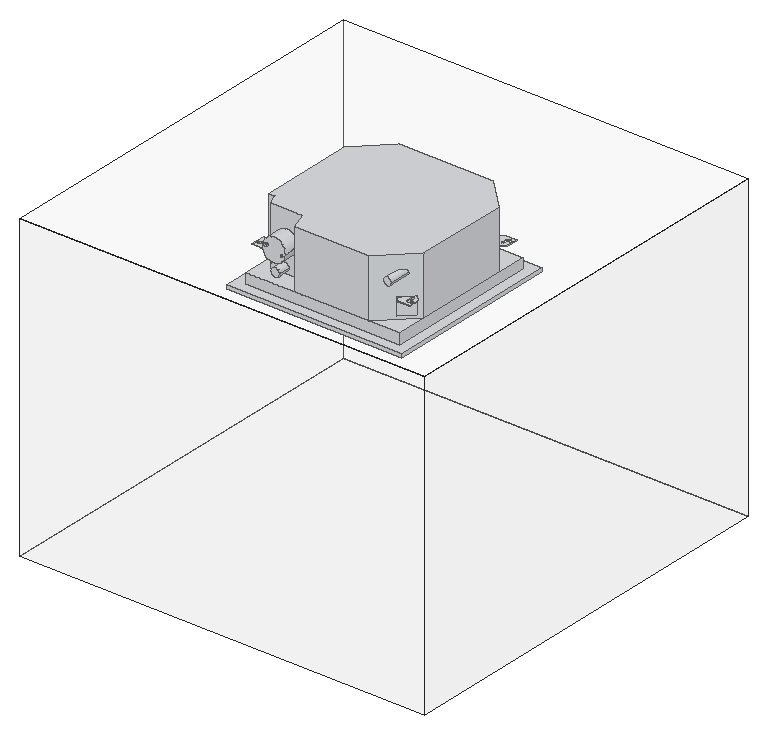
Revit family "plfy-p22_71gmg9_50hz", category 機械設備, Revit 2019
Family settings
  丸型コネクタ寸法 = 直径を使用
  パーツ タイプ = 標準
  OmniClass 番号 = 23.75.10.24.21.27.27
  OmniClass タイトル = Split System Air Conditioning Units
  作業面ベース = いいえ
  常に垂直 = はい
  ロード時にボイドで切り取り = いいえ
  共有 = いいえ
  部屋計算ポイント = はい
Parameters (values of type "天井4方向_PLFY-P22GMG9")
  風量（静）（m3／min） = 8.5
  風量（強）（m3／min） = 10
  風量（弱）（m3／min） = 9
  風量（中）（m3／min） = 9.5
  風量 = MAX風量  # 600.0 m³/h
  音響パワーレベル（弱）(dB) = 47
  音響パワーレベル（中2）(dB) = 48
  音響パワーレベル（中1）(dB) = 49
  音響パワーレベル(dB) = 50
  電源種別 = ""
  電源_H = 0 mm
  電圧 = 200 V
  電動機出力_送風機 = 0.05 kW
  運転質量 = 0.00 kg
  連動 = ""
  質量 = if(製品質量 > 運転質量, 製品質量, 運転質量) * 1.2  # 23.52 kg
  負荷分類 = 3_ファン類
  構成品番 = "PLFY-P22GMG9"
  ドレン管径 (外径) = 32 mm
  ドレン管径 = 25 mm
  サービススペース = yes
  【値が 0 の項目は組合せ形名にてご確認ください】 = ""
  URL = "https://www.mitsubishielectric.co.jp/ldg/wink/ssl/displayProduct.do?pid=321223"
  説明 = "ビル用マルチ 4方向天井カセット形<コンパクトタイプ>"
  設計暖房能力 = 0.00 kW
  設計冷房能力_顕熱 = 0 kW
  設計冷房能力 = 0 kW
  設置方法 = "カセット形"
  記号 = ""
  製造元 = "三菱電機株式会社"
  製品質量 = 19.60 kg
  製品出荷対象 = "国内"
  製品リリース年月 = "2022/9/15"
  製品グループ = ""
  系統 = ""
  符号 = "PAC-CK4"
  積算_科目 = "1 空気調和設備"
  積算_拾い区分 [instance] = ""
  相 = 1
  盤記号 = ""
  発停方法 = "付属スイッチ"
  特殊仕様 = ""
  火災停止 = ""
  消費電力_暖房 = 0.02 kW
  消費電力_冷房 = 0.02 kW
  消費電力 = if(消費電力_冷房 > 消費電力_暖房, 消費電力_冷房, 消費電力_暖房)  # 0.02 kW
  法定耐用年数 = "6"
  極数 = 1
  材質 = ""
  本体マテリアル = none
  有効加湿量 = 0
  暖房能力 = 2.50 kW
  推奨ブレーカー容量 = 0 A
  形式_加湿器 = ""
  形式 = "カセット形（4方向吹出形）"
  幹線記号 = ""
  始動方式 = "直入"
  呼称 = "パッケージ形空気調和機_室内機"
  周波数 = 50 Hz
  吊り位置Y = 507 mm
  吊り位置X = 640 mm
  吊りボルト_H = 134 mm
  台数_手元リモコン = ""
  台数_冷媒分岐ユニット = ""
  参照している仕様書等のバージョン = "公共建築工事標準仕様書（機械設備工事編）平成31年度版"
  加湿給水管径 = 0 mm
  分類コード = "50053003123030"
  分類グループ = ""
  冷房能力 = 2.2 kW
  冷媒高低圧ガス管径 = 0 mm
  冷媒管径符号 = "Ac"
  冷媒管径 = 100 mm
  冷媒液管高さ = 159 mm
  冷媒液管長さ = 71 mm
  冷媒液管径 = 6.4 mm
  冷媒ガス管高さ = 183 mm
  冷媒ガス管長さ = 76 mm
  冷媒ガス管径 = 12.7 mm
  企業コード = "108420"
  付属品_フィルター = ""
  付属品 = ""
  仕様書バージョン = "Version1.0"
  Model = ""
  パネルマテリアル = none
  ドレン管高さ = 227 mm
  コメント [instance] = ""
  ケーブル種類 = ""
  ケーブルサイズ = 0 mm
  Width = 670 mm
  Version = ""
  Uniclass2015Version = "Systems v1.9"
  Uniclass2015Title = "Split coil remote air cooled condensing units"
  Uniclass2015Code = "Pr_70_65_03_84"
  SpecificationReference = ""
  SpecificationDescription = ""
  Revision = ""
  ProductInformation = ""
  Panel Width = 760 mm
  Panel Height = 15 mm
  Panel Depth = 760 mm
  OmniClassCode = "23-33 17 13 11"
  MIN風量 = 風量（静）（m3／min） * 60.0 m³/h  # 510.0 m³/h
  MID風量2 = 風量（弱）（m3／min） * 60.0 m³/h  # 540.0 m³/h
  MID風量 = 風量（中）（m3／min） * 60.0 m³/h  # 570.0 m³/h
  MAX風量 = 風量（強）（m3／min） * 60.0 m³/h  # 600.0 m³/h
  IfcTypeProduct = ""
  IfcProduct = ""
  IfcExportType = "AIRCONDITIONINGUNIT"
  IfcExportAs = "IfcUnitaryEquipmentType"
  Height = 298 mm
  Depth = 670 mm
  価格 = 0
  Clearance Top = 305 mm
  Clearance Right = 500 mm
  Clearance Left = 500 mm
  Clearance Front = 500 mm
  Clearance Bottom = 1000 mm
  Clearance Back = 500 mm
  Author = "三菱電機株式会社"
Types (6, lengths in mm): name | 風量（静）（m3／min） | 風量（強）（m3／min） | 風量（弱）（m3／min） | 風量（中）（m3／min） | 風量 | 音響パワーレベル（弱）(dB) | 音響パワーレベル（中2）(dB) | 音響パワーレベル（中1）(dB) | 音響パワーレベル(dB) | 質量 | 構成品番 | URL | 製品質量 | 消費電力_暖房 | 消費電力_冷房 | 消費電力 | 暖房能力 | 冷房能力 | 冷媒管径符号 | 冷媒液管長さ | 冷媒液管径 | 冷媒ガス管長さ | 冷媒ガス管径 | MIN風量 | MID風量2 | MID風量 | MAX風量
  天井4方向_PLFY-P22GMG9 | 8.5 | 10 | 9 | 9.5 | 600.0 m³/h | 47 | 48 | 49 | 50 | 23.52 kg | "PLFY-P22GMG9" | "https://www.mitsubishielectric.co.jp/ldg/wink/ssl/displayProduct.do?pid=321223" | 19.60 kg | 0.02 kW | 0.02 kW | 0.02 kW | 2.50 kW | 2.2 kW | "Ac" | 71 | 6.4 | 76 | 12.7 | 510.0 m³/h | 540.0 m³/h | 570.0 m³/h | 600.0 m³/h
  天井4方向_PLFY-P28GMG9 | 8.5 | 10 | 9 | 9.5 | 600.0 m³/h | 47 | 48 | 49 | 50 | 23.52 kg | "PLFY-P28GMG9" | "https://www.mitsubishielectric.co.jp/ldg/wink/ssl/displayProduct.do?pid=321224" | 19.60 kg | 0.02 kW | 0.02 kW | 0.02 kW | 3.20 kW | 2.8 kW | "Ac" | 71 | 6.4 | 76 | 12.7 | 510.0 m³/h | 540.0 m³/h | 570.0 m³/h | 600.0 m³/h
  天井4方向_PLFY-P36GMG9 | 9.5 | 12 | 10 | 10.5 | 720.0 m³/h | 49 | 50 | 51 | 54 | 23.52 kg | "PLFY-P36GMG9" | "https://www.mitsubishielectric.co.jp/ldg/wink/ssl/displayProduct.do?pid=321225" | 19.60 kg | 0.03 kW | 0.03 kW | 0.03 kW | 4.00 kW | 3.6 kW | "Ac" | 71 | 6.4 | 76 | 12.7 | 570.0 m³/h | 600.0 m³/h | 630.0 m³/h | 720.0 m³/h
  天井4方向_PLFY-P45GMG9 | 9.5 | 12.5 | 10 | 10.5 | 750.0 m³/h | 49 | 50 | 52 | 54 | 23.52 kg | "PLFY-P45GMG9" | "https://www.mitsubishielectric.co.jp/ldg/wink/ssl/displayProduct.do?pid=321226" | 19.60 kg | 0.03 kW | 0.03 kW | 0.03 kW | 5.00 kW | 4.5 kW | "Ac" | 71 | 6.4 | 76 | 12.7 | 570.0 m³/h | 600.0 m³/h | 630.0 m³/h | 750.0 m³/h
  天井4方向_PLFY-P56GMG9 | 10 | 13 | 11.5 | 12.5 | 780.0 m³/h | 50 | 53 | 54 | 55 | 24.72 kg | "PLFY-P56GMG9" | "https://www.mitsubishielectric.co.jp/ldg/wink/ssl/displayProduct.do?pid=321227" | 20.60 kg | 0.03 kW | 0.03 kW | 0.03 kW | 6.30 kW | 5.6 kW | "Ac" | 71 | 6.4 | 76 | 12.7 | 600.0 m³/h | 690.0 m³/h | 750.0 m³/h | 780.0 m³/h
  天井4方向_PLFY-P71GMG9 | 11 | 15 | 11.5 | 12.5 | 900.0 m³/h | 53 | 54 | 56 | 58 | 24.72 kg | "PLFY-P71GMG9" | "https://www.mitsubishielectric.co.jp/ldg/wink/ssl/displayProduct.do?pid=321228" | 20.60 kg | 0.04 kW | 0.04 kW | 0.04 kW | 8.00 kW | 7.1 kW | "Bd" | 75 | 9.5 | 80 | 15.9 | 660.0 m³/h | 690.0 m³/h | 750.0 m³/h | 900.0 m³/h
Reference planes
  plane 1 "中心(正面/背面)": y = 0
  plane 2: z = 0
  plane 3 "中心(左/右)": x = 0
  plane 4: x = -380
  plane 5: x = 380
  plane 6: y = 380
  plane 7: y = -380
  plane 8: z = 298
  plane 9: z = 305
  plane 10: x = -320
  plane 11: x = 320
  plane 12: y = 253.5
  plane 13: y = -253.5
  plane 14: z = 46
  plane 15: y = 335
  plane 16: y = -335
  plane 17: x = -335
  plane 18: x = 335
  plane 19: x = -880
  plane 20: x = 880
  plane 21: y = 880
  plane 22: y = -880
  plane 23: z = 298
  plane 24: z = -15
  plane 25: z = -1015
  plane 26: z = 305
  plane 27 "冷媒管基準面": y = -255
  plane 28: x = -186
  plane 29: z = 159
  plane 30: y = -331
  plane 31: y = -326
Forms (mm)
  Extrusion 1, solid, detail levels fine
    sketch origin (0, -255, 15) x (1, 0, 0) y (0, 0, 1)
      loop
        circle (-186, 144) r 3.175
    from 0 to 71
  Extrusion 2, solid, detail levels fine
    sketch origin (-67, -255, 39) x (1, 0, 0) y (0, 0, 1)
      loop
        circle (-186, 144) r 6.35
    from 0 to 76
Dimensions and locks
  equal spacing: plane 4, plane 3 "中心(左/右)", plane 5
  plane 4 to plane 5 = 760 mm
  equal spacing: plane 7, plane 1 "中心(正面/背面)", plane 6
  plane 7 to plane 6 = 760 mm
  locked: plane 12 to plane 6 at 126.5
  plane 7 to plane 13 = 126.5 mm
  plane 4 to plane 10 = 60 mm
  locked: plane 11 to plane 5 at 60
  "吊り位置X": plane 10 to plane 11
  equal spacing: plane 10, plane 3 "中心(左/右)", plane 11
  equal spacing: plane 13, plane 1 "中心(正面/背面)", plane 12
  "吊り位置Y": plane 13 to plane 12
  equal spacing: plane 16, plane 1 "中心(正面/背面)", plane 15
  "Depth": plane 16 to plane 15
  equal spacing: plane 17, plane 3 "中心(左/右)", plane 18
  "Width": plane 17 to plane 18
  locked: plane 14 to level at 46
  "Clearance Left": plane 19 to plane 4
  "Clearance Right": plane 5 to plane 20
  "Clearance Back": plane 6 to plane 21
  locked: level to plane 24 at 15
  "Clearance Bottom": plane 24 to plane 25
  "Clearance Front": plane 22 to plane 7
  "Clearance Top": plane 26 to plane 2
  "Height": level to nested 3
  plane 29 to plane 2 = 159 mm
  nested 3 to level = 134 mm
  "冷媒液管長さ": plane 31 to plane 27 "冷媒管基準面"
  "冷媒ガス管長さ": plane 30 to plane 27 "冷媒管基準面"
  aligned and locked: level to plane 2
  aligned and locked: plane 10 to nested 2
  aligned and locked: plane 11 to nested 2
  aligned and locked: nested 2 to plane 12
  aligned and locked: plane 13 to nested 2
  aligned and locked: plane 19 to nested 1
  aligned and locked: plane 20 to nested 1
  aligned and locked: plane 22 to nested 1
  aligned and locked: plane 21 to nested 1
  aligned and locked: plane 25 to nested 1
  aligned and locked: plane 5 to nested 3
  aligned and locked: plane 15 to nested 3
  aligned and locked: plane 6 to nested 3
  aligned and locked: plane 7 to nested 3
  aligned and locked: plane 26 to nested 1
  aligned and locked: plane 31 to Extrusion 1
  aligned and locked: plane 30 to Extrusion 2
Automatic sketch dimensions
  Extrusion 1 sketch curve to plane 28 = 0 mm
  Extrusion 1 sketch curve to plane 29 = 0 mm
  plane 29 to Extrusion 2 sketch curve = 24 mm
  plane 10 to Extrusion 2 sketch curve = 67 mm
  radius of Extrusion 1 sketch curve = 3.175 mm
  radius of Extrusion 2 sketch curve = 6.35 mm
Nested families
  nested 1: "サービススペース" at (0, 0, -355), visible <- "サービススペース", type "サービススペース"
    with Width 1760 mm, Height 1320 mm, Depth 1760 mm
  nested 2: "固定点" at (-320, -253.5, 0), type "固定点"
    with W 640 mm, D 507 mm
  nested 3: "PL-RP○○GA3" at (0, 0, 0), type "PL-RP○○GA3"
    with ユニット表示 yes
Connectors
  piping at (-219.5, -326, 171), diameter 100, driven by "冷媒管径", driven by "冷媒管径符号"
    settings: on nested 3, index 1, connector inside diameter 609.6 mm, connector length 0 mm, flow factor 0, pipe flow 0.0 L/s, pressure drop 0.0 Pa, fitting loss kfactor 0, connector angle 0.00°, fixture units 0, engagement length 0 mm, angle of deflection 0.00°, flow configuration 1, flow direction 1, fitting loss method 4, system type 7, joint type 0, gender type 0, connector reference index -1, connector utility 0, adjustable connector no, is connector primary yes, connector description "Ac"
  piping at (281, -332, 227), diameter 25, driven by "ドレン管径"
    settings: on nested 3, index 2, connector inside diameter 609.6 mm, connector length 0 mm, flow factor 0, pipe flow 0.0 L/s, pressure drop 0.0 Pa, fitting loss kfactor 0, connector angle 0.00°, fixture units 0, engagement length 0 mm, angle of deflection 0.00°, flow configuration 1, flow direction 2, fitting loss method 4, system type 16, joint type 0, gender type 0, connector reference index -1, connector utility 0, adjustable connector no, is connector primary no, connector description ""
  electrical at (-230, -305, 70), driven by "極数", driven by "負荷分類", driven by "電圧", driven by "消費電力"
    settings: on nested 3, index 3, voltage 200 V, apparent load 20 VA, apparent load phase1 0 VA, apparent load phase2 0 VA, apparent load phase3 0 VA, power factor 1, load classification "3_ファン類", number of poles 1, system type 30, power factor state 1, is connector primary yes, connector utility no, sub classification motor no, connector description ""
Definition of nested family "サービススペース"
  Parameters (values of type "サービススペース")
    Width [instance] = 500 mm
    Height [instance] = 500 mm
    Depth [instance] = 500 mm
  Reference planes
    plane 1 "中心(正面/背面)": y = 0
    plane 2: z = 0
    plane 3 "中心(左/右)": x = 0
    plane 4: y = -250
    plane 5: x = 250
    plane 6: y = 250
    plane 7: x = -250
    plane 8: z = 250
    plane 9: z = -250
  Forms (mm)
    Extrusion 1, solid
      sketch origin (-638.939, 0, 72.39) x (1, 0, 0) y (0, 1, 0)
        loop
          line (388.939, 250) -> (388.939, -250) -> (888.939, -250) -> (888.939, 250) -> (388.939, 250)
      from -322.39 to 177.61
  Lines and regions (mm)
    symbolic lines
      curve 1: line (-250, 0, 250) -> (250, 0, 250)
      curve 2: line (-250, 0, -250) -> (-250, 0, 250)
      curve 3: line (250, 0, -250) -> (-250, 0, -250)
      curve 4: line (250, 0, 250) -> (250, 0, -250)
      curve 5: line (0, -250, 250) -> (0, 250, 250)
      curve 6: line (0, -250, -250) -> (0, -250, 250)
      curve 7: line (0, 250, -250) -> (0, -250, -250)
      curve 8: line (0, 250, 250) -> (0, 250, -250)
      curve 9: line (-250, 250, 0) -> (250, 250, 0)
      curve 10: line (-250, -250, 0) -> (-250, 250, 0)
      curve 11: line (250, -250, 0) -> (-250, -250, 0)
      curve 12: line (250, 250, 0) -> (250, -250, 0)
  Dimensions and locks
    equal spacing: plane 7, plane 3 "中心(左/右)", plane 5
    equal spacing: plane 4, plane 1 "中心(正面/背面)", plane 6
    "Depth": plane 4 to plane 6
    "Width": plane 7 to plane 5
    equal spacing: plane 8, plane 2, plane 9
    "Height": plane 8 to plane 9
    aligned and locked: plane 9 to curve 3
    aligned and locked: plane 7 to curve 2
    aligned and locked: curve 4 to plane 5
    aligned and locked: plane 5 to Extrusion 1
    aligned and locked: Extrusion 1 to plane 7
    aligned and locked: Extrusion 1 to plane 9
    aligned and locked: plane 8 to Extrusion 1
    aligned and locked: plane 9 to curve 7
  Automatic sketch dimensions
    plane 4 to Extrusion 1 sketch curve = 0 mm
    Extrusion 1 sketch curve to plane 7 = 0 mm
    Extrusion 1 sketch curve to plane 5 = 0 mm
    plane 6 to Extrusion 1 sketch curve = 0 mm
    curve 2 to plane 8 = 0 mm
    plane 4 to curve 11 = 0 mm
    curve 11 to plane 7 = 0 mm
    curve 11 to plane 5 = 0 mm
    plane 6 to curve 10 = 0 mm
    curve 7 to plane 4 = 0 mm
    curve 7 to plane 6 = 0 mm
    curve 6 to plane 8 = 0 mm
Definition of nested family "PL-RP○○GA3"
  Parameters (values of type "PL-RP○○GA3")
    配線取出口サイズ = 36 mm
    配線取出口-Z = 70 mm
    配線取出口-Y = 50 mm
    配線取出口-X = 230 mm
    液配管サイズ = 6.4 mm
    A = 幅さ + 90 mm  # 760 mm
    高さ = 298 mm
    奥行き = 670 mm
    吊りボルト_H = 134 mm
    冷媒配管 = 100 mm
    冷媒液管径-Z = 159 mm
    冷媒液管径-Y = 71 mm
    冷媒液管径-X = 186 mm
    冷媒ガス管径-Z = 183 mm
    冷媒ガス管径-Y = 76 mm
    冷媒ガス管径-X = 253 mm
    ユニット表示 [instance] = yes
    ボルトピッチ = 507 mm
    ドレン配管サイズ = 32 mm
    ドレン管径-Z = 227 mm
    ドレン管径-Y = 77 mm
    ドレン管径-X = 281 mm
    ガス配管サイズ = 12.7 mm
    D = 幅さ - 30 mm  # 640 mm
    幅さ = 670 mm
    B = 幅さ + 40 mm  # 710 mm
  Reference planes
    plane 1 "中心(正面/背面)": y = 0
    plane 2: z = 0
    plane 3 "中心(左/右)": x = 0
    plane 4: x = -355
    plane 5: x = 355
    plane 6: x = -335
    plane 7: x = 335
    plane 8: x = -320
    plane 9: x = 320
    plane 10: y = 253.5
    plane 11: y = -253.5
    plane 12: y = 335
    plane 13: y = -335
    plane 14: x = -380
    plane 15: x = 380
    plane 16: z = -15
    plane 17: z = 46
    plane 18: z = 298
    plane 19: z = 134
    plane 20: z = 136
    plane 21: z = 227
    plane 22: z = 159
    plane 23: z = 183
    plane 24: z = 60
    plane 25: y = 380
    plane 26: y = -380
    plane 27: x = -253
    plane 28: x = -150
    plane 29: x = -123
    plane 30: x = -186
    plane 31: x = 281
    plane 32: x = 202
    plane 33: y = -255
    plane 34: y = -207
    plane 35: y = -331
    plane 36: y = -326
    plane 37 "ドレン管接続口": y = -332
    plane 38: y = -202
    plane 39: y = 291.5
    plane 40: y = 275.5
    plane 41: y = 263.5
    plane 42: x = -326
    plane 43: x = -314
    plane 44: x = -343
    plane 45: x = 314
    plane 46: x = 326
    plane 47: x = 343
    plane 48: y = -291.5
    plane 49: y = -275.5
    plane 50: y = -263.5
    plane 51: x = -230
    plane 52: y = 202
    plane 53: x = -202
    plane 54: z = 70
    plane 55: y = -305
  Forms (mm)
    Extrusion 1, solid, visible <- "ユニット表示"
      sketch origin (0, 0, 0) x (1, 0, 0) y (0, 1, 0)
        loop
          line (-380, 380) -> (-380, -380) -> (380, -380) -> (380, 380) -> (-380, 380)
      from -15 to 0
    Extrusion 2, solid, visible <- "ユニット表示", detail levels fine
      sketch origin (0, 0, 0) x (1, 0, 0) y (0, 1, 0)
        loop
          line (-203.39, 335) -> (-335, 203.39) -> (-335, -207) -> (-309.258, -207) -> (-288.883, -255) -> (-150, -255) -> (-123.033, -335) -> (202, -335) -> (335, -202) -> (335, 203.39) -> (203.39, 335) -> (-203.39, 335)
      from 46 to 298
    Extrusion 3, solid, visible <- "ユニット表示", detail levels fine
      sketch origin (0, 0, 0) x (1, 0, 0) y (0, 1, 0)
        loop
          line (335, 335) -> (-335, 335) -> (-335, -335) -> (335, -335) -> (335, 335)
      from 0 to 46
    Extrusion 4, solid, visible <- "ユニット表示", detail levels fine
      sketch origin (0, 0, 0) x (1, 0, 0) y (0, 0, 1)
        loop
          circle (-219.5, 171) r 50
      from 255 to 326
    Extrusion 5, solid, visible <- "ユニット表示", detail levels fine
      sketch origin (0, 0, 0) x (1, 0, 0) y (0, 1, 0)
        loop
          line (-343, -291.5) -> (-300.314, -291.5) -> (-290.686, -250.751) -> (-306.998, -212.324) -> (-343, -227.606) -> (-343, -263.5) -> (-329, -263.5)
          arc (-329, -263.5) -> (-326.879, -262.621) -> (-326, -260.5) r 3
          line (-326, -260.5) -> (-326, -249.5)
          arc (-326, -249.5) -> (-320, -243.5) -> (-314, -249.5) r 6
          line (-314, -249.5) -> (-314, -269.478)
          arc (-314, -269.478) -> (-315.757, -273.721) -> (-320, -275.5) r 6
          line (-320, -275.5) -> (-343, -275.5) -> (-343, -291.5)
        loop
          line (-343, 275.5) -> (-320, 275.5)
          arc (-320, 275.5) -> (-315.757, 273.743) -> (-314, 269.5) r 6
          line (-314, 269.5) -> (-314, 249.5)
          arc (-314, 249.5) -> (-320, 243.5) -> (-326, 249.5) r 6
          line (-326, 249.5) -> (-326, 260.5)
          arc (-326, 260.5) -> (-326.879, 262.621) -> (-329, 263.5) r 3
          line (-329, 263.5) -> (-343, 263.5) -> (-343, 244.959) -> (-318.215, 220.175) -> (-270.214, 268.176) -> (-293.539, 291.5) -> (-343, 291.5) -> (-343, 275.5)
        loop
          line (343, 291.5) -> (293.539, 291.5) -> (270.214, 268.176) -> (318.215, 220.175) -> (343, 244.959) -> (343, 263.5) -> (329, 263.5)
          arc (329, 263.5) -> (326.879, 262.621) -> (326, 260.5) r 3
          line (326, 260.5) -> (326, 249.5)
          arc (326, 249.5) -> (320, 243.5) -> (314, 249.5) r 6
          line (314, 249.5) -> (314, 269.5)
          arc (314, 269.5) -> (315.757, 273.743) -> (320, 275.5) r 6
          line (320, 275.5) -> (343, 275.5) -> (343, 291.5)
        loop
          line (293.539, -291.5) -> (343, -291.5) -> (343, -275.5) -> (320, -275.5)
          arc (320, -275.5) -> (315.757, -273.743) -> (314, -269.5) r 6
          line (314, -269.5) -> (314, -249.5)
          arc (314, -249.5) -> (320, -243.5) -> (326, -249.5) r 6
          line (326, -249.5) -> (326, -260.5)
          arc (326, -260.5) -> (326.879, -262.621) -> (329, -263.5) r 3
          line (329, -263.5) -> (343, -263.5) -> (343, -244.959) -> (317.52, -219.48) -> (269.519, -267.481) -> (293.539, -291.5)
      from 134 to 136
    Extrusion 6, solid, visible <- "ユニット表示", detail levels fine
      sketch origin (0, 0, 0) x (1, 0, 0) y (0, 1, 0)
        loop
          line (-306.998, -212.324) -> (-308.839, -213.105) -> (-291.463, -254.04) -> (-289.622, -253.258) -> (-306.998, -212.324)
        loop
          line (-271.629, 269.59) -> (-319.63, 221.589) -> (-318.245, 220.204) -> (-270.244, 268.205) -> (-271.629, 269.59)
        loop
          line (271.629, 269.59) -> (270.244, 268.205) -> (318.245, 220.204) -> (319.63, 221.589) -> (271.629, 269.59)
        loop
          line (270.934, -268.895) -> (318.935, -220.894) -> (317.52, -219.48) -> (269.519, -267.481) -> (270.934, -268.895)
      from 60 to 136
    Extrusion 7, solid, visible <- "ユニット表示", detail levels fine
      sketch origin (0, 0, 0) x (1, 0, 0) y (0, 0, 1)
        loop
          circle (-230, 70) r 18
      from 255 to 305
    Extrusion 8, solid, detail levels fine
      sketch origin (0, -332, 0) x (-1, 0, 0) y (0, 0, 1)
        loop
          circle (-281, 227) r 16
      from 0 to 100
  Cuts and joins
    joined: Extrusion 5, Extrusion 6
  Dimensions and locks
    equal spacing: plane 4, plane 3 "中心(左/右)", plane 5
    "B": plane 4 to plane 5
    equal spacing: plane 6, plane 3 "中心(左/右)", plane 7
    "幅さ": plane 6 to plane 7
    equal spacing: plane 8, plane 3 "中心(左/右)", plane 9
    "D": plane 8 to plane 9
    equal spacing: plane 11, plane 1 "中心(正面/背面)", plane 10
    "ボルトピッチ": plane 10 to plane 11
    equal spacing: plane 12, plane 1 "中心(正面/背面)", plane 13
    "奥行き": plane 12 to plane 13
    "A": plane 14 to plane 15
    equal spacing: plane 14, plane 3 "中心(左/右)", plane 15
    locked: plane 2 to plane 16 at 15
    locked: plane 17 to plane 2 at 46
    "吊りボルト_H": plane 19 to level
    locked: plane 20 to plane 19 at 2
    "ドレン管径-Z": plane 21 to level
    "冷媒液管径-Z": plane 22 to level
    "冷媒ガス管径-Z": plane 23 to level
    plane 24 to level = 60 mm
    equal spacing: plane 25, plane 1 "中心(正面/背面)", plane 26
    "A": plane 25 to plane 26
    locked: plane 6 to plane 28 at 185
    locked: plane 6 to plane 29 at 212
    locked: plane 32 to plane 7 at 133
    "冷媒ガス管径-X": plane 27 to plane 3 "中心(左/右)"
    "冷媒液管径-X": plane 30 to plane 3 "中心(左/右)"
    "ドレン管径-X": plane 3 "中心(左/右)" to plane 31
    locked: plane 33 to plane 13 at 80
    locked: plane 34 to plane 13 at 128
    "冷媒ガス管径-Y": plane 33 to plane 35
    "冷媒液管径-Y": plane 33 to plane 36
    "ドレン管径-Y": plane 33 to plane 37 "ドレン管接続口"
    locked: plane 38 to plane 13 at 133
    equal spacing: plane 30, Extrusion 4 sketch curve, plane 27
    equal spacing: plane 23, Extrusion 4 sketch curve, plane 22
    locked: plane 44 to plane 8 at 23
    plane 42 to plane 8 to plane 43 = 6 mm locked, 6 mm locked
    locked: plane 9 to plane 47 at 23
    plane 45 to plane 9 to plane 46 = 6 mm locked, 6 mm locked
    plane 11 to plane 50 to plane 49 to plane 48 = 10 mm locked, 12 mm locked, 16 mm locked
    plane 39 to plane 40 to plane 41 to plane 10 = 16 mm locked, 12 mm locked, 10 mm locked
    locked: Extrusion 5 sketch curve to plane 11 at 4  (x2)
    locked: plane 10 to Extrusion 5 sketch curve at 4  (x2)
    "配線取出口-X": plane 51 to plane 3 "中心(左/右)"
    "配線取出口-Z": plane 54 to level
    "配線取出口-Y": plane 33 to plane 55
    locked: cut or joined group of Extrusion 5, Extrusion 6 to Extrusion 6 sketch curve at 2
    locked: Extrusion 6 sketch curve to Extrusion 2 at 2  (x3)
    "高さ": plane 18 to level
    "冷媒配管": diameter of Extrusion 4 sketch curve
    radius of Extrusion 5 sketch curve = 6 mm  (x8)
    radius of Extrusion 5 sketch curve = 3 mm  (x4)
    "配線取出口サイズ": diameter of Extrusion 7 sketch curve
    aligned and locked: level to plane 2
    aligned and locked: Extrusion 1 sketch curve to plane 25
    aligned and locked: plane 14 to Extrusion 1 sketch curve
    aligned and locked: plane 26 to Extrusion 1 sketch curve
    aligned and locked: Extrusion 1 sketch curve to plane 15
    aligned and locked: level to Extrusion 1
    aligned and locked: Extrusion 1 to plane 16
    aligned and locked: plane 18 to Extrusion 2
    aligned and locked: Extrusion 2 to plane 17
    aligned and locked: Extrusion 3 sketch curve to plane 7
    aligned and locked: Extrusion 3 sketch curve to plane 13
    aligned and locked: Extrusion 3 sketch curve to plane 6
    aligned and locked: Extrusion 3 sketch curve to plane 12
    aligned and locked: Extrusion 3 to level
    aligned and locked: plane 17 to Extrusion 3
    aligned and locked: plane 28 to Extrusion 2 sketch curve
    aligned and locked: plane 34 to Extrusion 2 sketch curve
    aligned and locked: Extrusion 2 sketch curve to plane 13
    aligned and locked: Extrusion 2 sketch curve to plane 7
    aligned and locked: Extrusion 2 sketch curve to plane 12
    aligned and locked: Extrusion 2 sketch curve to plane 6
    aligned and locked: plane 7 to Extrusion 2 sketch curve
    aligned and locked: plane 38 to Extrusion 2 sketch curve
    aligned and locked: plane 32 to Extrusion 2 sketch curve
    aligned and locked: plane 13 to Extrusion 2 sketch curve
    aligned and locked: plane 44 to Extrusion 5 sketch curve  (x2)
    aligned and locked: Extrusion 5 sketch curve to plane 50
    aligned and locked: plane 49 to Extrusion 5 sketch curve
    aligned and locked: Extrusion 5 sketch curve to plane 48
    aligned and locked: plane 43 to Extrusion 5 sketch curve
    aligned and locked: plane 42 to Extrusion 5 sketch curve  (x2)
    aligned and locked: Extrusion 6 to plane 24
    aligned and locked: plane 20 to Extrusion 6
    aligned and locked: plane 39 to Extrusion 5 sketch curve  (x2)
    aligned and locked: Extrusion 5 sketch curve to plane 44  (x2)
    aligned and locked: plane 41 to Extrusion 5 sketch curve  (x2)
    aligned and locked: Extrusion 5 sketch curve to plane 40  (x2)
    aligned and locked: Extrusion 5 sketch curve to plane 43
    aligned and locked: Extrusion 5 sketch curve to Extrusion 2  (x3)
    aligned and locked: plane 47 to Extrusion 5 sketch curve  (x4)
    aligned and locked: plane 45 to Extrusion 5 sketch curve  (x2)
    aligned and locked: Extrusion 5 sketch curve to plane 46  (x2)
    aligned and locked: plane 50 to Extrusion 5 sketch curve
    aligned and locked: plane 48 to Extrusion 5 sketch curve
    aligned and locked: Extrusion 5 sketch curve to plane 49
    aligned and locked: plane 51 to Extrusion 7 sketch curve
    aligned and locked: plane 54 to Extrusion 7 sketch curve
    aligned and locked: Extrusion 7 to Extrusion 2
    aligned and locked: plane 55 to Extrusion 7
    aligned and locked: cut or joined group of Extrusion 5, Extrusion 6 to cut or joined group of Extrusion 5, Extrusion 6  (x2)
    aligned and locked: Extrusion 6 sketch curve to cut or joined group of Extrusion 5, Extrusion 6  (x3)
    aligned and locked: cut or joined group of Extrusion 5, Extrusion 6 to Extrusion 6 sketch curve  (x2)
    aligned and locked: Extrusion 2 to Extrusion 6 sketch curve
    aligned and locked: cut or joined group of Extrusion 5, Extrusion 6 to plane 19
    aligned and locked: plane 20 to cut or joined group of Extrusion 5, Extrusion 6
    aligned and locked: Extrusion 4 to plane 36
  Automatic sketch dimensions
    Extrusion 2 sketch curve to plane 33 = 0 mm
    plane 43 to Extrusion 2 sketch curve = 4.742 mm
    plane 43 to Extrusion 2 sketch curve = 25.117 mm
    Extrusion 2 sketch curve to plane 30 = 17.39 mm
    Extrusion 2 sketch curve to plane 29 = 0.033 mm
    plane 32 to Extrusion 2 sketch curve = 1.39 mm
    Extrusion 2 sketch curve to plane 10 = 50.11 mm  (x2)
    Extrusion 5 sketch curve to plane 8 = 0 mm
    Extrusion 5 sketch curve to plane 8 = 13.002 mm
    Extrusion 5 sketch curve to plane 43 = 13.686 mm
    plane 50 to Extrusion 5 sketch curve = 12.749 mm
    Extrusion 5 sketch curve to Extrusion 5 sketch curve = 9.627 mm
    Extrusion 5 sketch curve to plane 50 = 5.978 mm
    plane 34 to Extrusion 5 sketch curve = 20.606 mm
    plane 8 to Extrusion 6 sketch curve = 1.755 mm
    Extrusion 6 sketch curve to plane 11 = 0.54 mm
    Extrusion 6 sketch curve to Extrusion 6 sketch curve = 1.385 mm
    Extrusion 6 sketch curve to plane 49 = 6.605 mm
    Extrusion 6 sketch curve to plane 9 = 2.48 mm
    Extrusion 6 sketch curve to Extrusion 6 sketch curve = 1.414 mm
    Extrusion 5 sketch curve to plane 8 = 1.785 mm
    Extrusion 5 sketch curve to plane 41 = 4.676 mm  (x2)
    plane 9 to Extrusion 5 sketch curve = 1.785 mm
    Extrusion 5 sketch curve to plane 50 = 3.981 mm
    plane 9 to Extrusion 5 sketch curve = 2.48 mm
    Extrusion 8 sketch curve to plane 21 = 0 mm
    Extrusion 8 sketch curve to plane 31 = 0 mm
    radius of Extrusion 8 sketch curve = 16 mm
Definition of nested family "固定点"
  Parameters (values of type "固定点")
    中心円 = 20 mm
    W [instance] = 1000 mm
    D [instance] = 1000 mm
  Reference planes
    plane 1 "中心(正面/背面)": y = 0
    plane 2: z = 0
    plane 3 "中心(左/右)": x = 0
    plane 4: x = 1000
    plane 5: y = 1000
  Lines and regions (mm)
    symbolic lines, detail levels fine
      curve 1: circle (0, 1000, 0) r 10 normal (0, 0, 1)
      curve 2: circle (0, 0, 0) r 10 normal (0, 0, 1)
      curve 3: circle (1000, 1000, 0) r 10 normal (0, 0, 1)
      curve 4: circle (1000, 0, 0) r 10 normal (0, 0, 1)
      curve 5: line (-200, 1000, 0) -> (1200, 1000, 0)
      curve 6: line (-200, 0, 0) -> (1200, 0, 0)
      curve 7: line (0, 1200, 0) -> (0, -200, 0)
      curve 8: line (1000, 1200, 0) -> (1000, -200, 0)
  Dimensions and locks
    "W": plane 3 "中心(左/右)" to plane 4
    "D": plane 1 "中心(正面/背面)" to plane 5
    "中心円": diameter of curve 1
    "中心円": diameter of curve 2
    "中心円": diameter of curve 3
    "中心円": diameter of curve 4
    aligned and locked: level to plane 2
    aligned and locked: plane 5 to curve 1
    aligned and locked: plane 3 "中心(左/右)" to curve 1
    aligned and locked: plane 3 "中心(左/右)" to curve 2
    aligned and locked: plane 1 "中心(正面/背面)" to curve 2
    aligned and locked: plane 4 to curve 3
    aligned and locked: plane 5 to curve 3
    aligned and locked: plane 1 "中心(正面/背面)" to curve 4
    aligned and locked: plane 4 to curve 4
    aligned and locked: plane 1 "中心(正面/背面)" to curve 6
    aligned and locked: curve 7 to plane 3 "中心(左/右)"
    aligned and locked: curve 8 to plane 4
  Automatic sketch dimensions
    curve 5 to plane 5 = 0 mm
    curve 6 to plane 3 "中心(左/右)" = 200 mm
    curve 5 to plane 3 "中心(左/右)" = 200 mm
    curve 4 to curve 6 = 200 mm
    curve 3 to curve 5 = 200 mm
    plane 1 "中心(正面/背面)" to curve 8 = 200 mm
    plane 1 "中心(正面/背面)" to curve 7 = 200 mm
    curve 3 to curve 8 = 200 mm
    curve 1 to curve 7 = 200 mm
